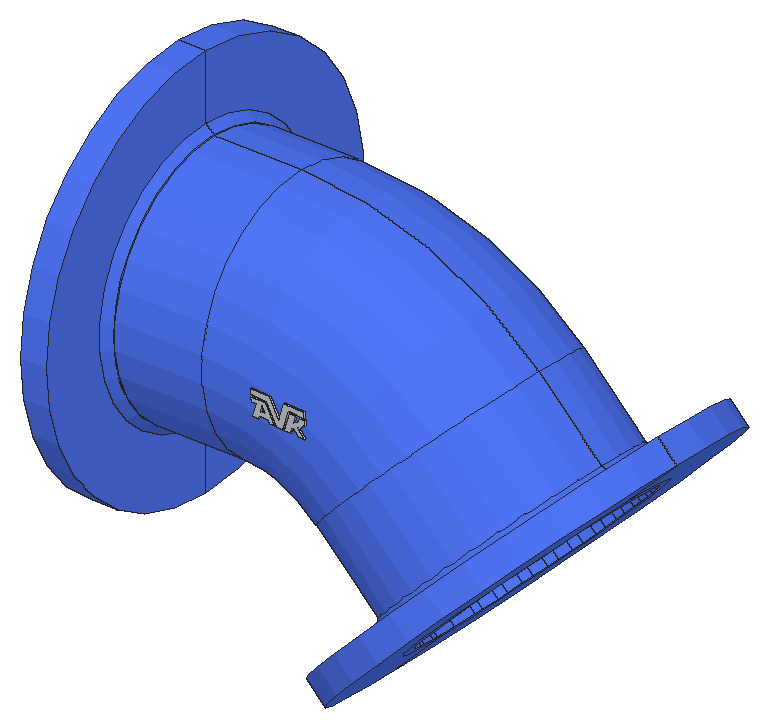
Revit family "712-0065-04-201-DN200", category Pipe Fittings, Revit 2019
Family settings
  Round Connector Dimension = Use Diameter
  Part Type = Elbow
  Work Plane-Based = No
  Always vertical = Yes
  Cut with Voids When Loaded = No
  Shared = No
Parameters (values of type "DN200_PN10/16")
  Search_Table = "712-0420-001-DN40-300"
  Rf_Dia = size_lookup(Search_Table, "Rf_Dia", 0 mm, [Nominal Diameter(DN)]) / 2  # 133 mm
  RF_Thick = size_lookup(Search_Table, "Rf_Thickness", 0 mm, [Nominal Diameter(DN)])  # 4 mm
  L_Ref = size_lookup(Search_Table, "L_Ref", 0 mm, [Nominal Diameter(DN)])  # 110 mm
  L = size_lookup(Search_Table, "L", 0 mm, [Nominal Diameter(DN)])  # 180 mm
  ID(Radius) = [Nominal Diameter(DN)] / 2  # 100 mm
  Flange_thickness = size_lookup(Search_Table, "Flange_thickness", 0 mm, [Nominal Diameter(DN)])  # 23 mm
  Nominal Diameter(DN) = 200 mm
  FOD = size_lookup(Search_Table, "FOD", 0 mm, [Nominal Diameter(DN)]) / 2  # 170 mm
  URL product pages = "https://www.avkvalves.com/P.aspx?no=712004043201"
  Description_ = "AVK FLANGED PIPE W/LOOSE FLANGES"
  DN200_PN16 = "712-0200-04-201"
  DN200_PN10/16 = yes
  DN200_PN10 = "712-0200-04-200"
  Body_wallthickness = 15 mm + [Nominal Diameter(DN)]  # 215 mm
Reference planes
  plane 1 "Center (Front/Back)": y = 0
  plane 2: z = 0
  plane 3 "Center (Left/Right)": x = 0
  plane 4: through (229.785, -1524, -205.428) normal (-0.7071, 0, 0.7071)
  plane 5: x = 180
  plane 6: through (115.377, -1524, -65.278) normal (-0.7071, 0, 0.7071)
  plane 7: z = -0.654
  plane 8: through (203.424, -1524, -24.078) normal (0.7071, 0, 0.7071)
Forms (mm)
  Sweep 1, solid, material "Plastic", visible <- "DN200_PN10/16"
    path origin (0, 0, -240) x (1, 0, 0) y (0, 0, 1)
      loop
        line (0, 239.346) -> (105.442, 239.346)
        arc (105.442, 239.346) -> (174.325, 225.644) -> (232.721, 186.625) r 180
        line (232.721, 186.625) -> (307.279, 112.067)
    profile origin (52.721, 0, -0.654) x (0, 0, 1) y (0, -1, 0)
      loop
        circle (0, 0) r 107.5
  Sweep 2, void
    path origin (0, 0, -240) x (1, 0, 0) y (0, 0, 1)
      loop
        line (0, 239.346) -> (105.442, 239.346)
        arc (105.442, 239.346) -> (174.325, 225.644) -> (232.721, 186.625) r 180
        line (232.721, 186.625) -> (307.279, 112.067)
    profile origin (52.721, 0, -0.654) x (0, 0, 1) y (0, -1, 0)
      loop
        circle (0, 0) r 100
  Revolve 3, solid, material "Plastic", visible <- "DN200_PN10/16"
    sketch origin (0, 0, -240) x (1, 0, 0) y (0, 0, 1)
      loop
        line (0, 339.346) -> (23, 339.346) -> (23, 409.346) -> (0, 409.346) -> (0, 339.346)
      axis (0, 239.346) -> (23, 239.346)
    angle from 0 to 360
  Revolve 4, solid, material "Plastic", visible <- "DN200_PN10/16"
    sketch origin (0, 0, -240) x (1, 0, 0) y (0, 0, 1)
      loop
        line (377.99, 182.777) -> (427.487, 232.275) -> (411.224, 248.538) -> (361.726, 199.041) -> (377.99, 182.777)
      axis (291.016, 128.33) -> (307.279, 112.067)
    angle from 0 to 360
  Revolve 5, solid, material "Plastic", visible <- "DN200_PN10/16"
    sketch origin (0, 0, -240) x (1, 0, 0) y (0, 0, 1)
      loop
        line (23, 239.346) -> (30.071, 239.346) -> (30.071, 347.028) -> (23, 354.1) -> (23, 239.346)
      axis (23, 239.346) -> (30.071, 239.346)
    angle from 0 to 360
  Revolve 6, solid, material "Plastic", visible <- "DN200_PN10/16"
    sketch origin (0, 0, -240) x (1, 0, 0) y (0, 0, 1)
      loop
        line (362.096, 209.331) -> (286.055, 133.291) -> (291.016, 128.33) -> (372.017, 209.331) -> (362.096, 209.331)
      axis (291.016, 128.33) -> (286.055, 133.291)
    angle from 0 to 360
  Extrusion 7, solid, material "Plastic", visible <- "DN200_PN10/16"
    sketch origin (-18.923, 0, -192.661) x (1, 0, 0) y (0, 0, 1)
      loop
        line (138.923, 92.007) -> (138.923, 62.007)
        arc (138.923, 62.007) -> (151.423, 49.507) -> (163.923, 62.007) r 12.5
        line (163.923, 62.007) -> (163.923, 92.007) -> (138.923, 92.007)
      loop
        circle (151.423, 62.007) r 7.035
    from -3.416 to 3.416
Cuts and joins
  Sweep 2 cuts Sweep 1
Dimensions and locks
  "L": plane 5 to plane 3 "Center (Left/Right)"
  "L": plane 6 to plane 4
  "ID(Radius)": Revolve 3 sketch curve to plane 7
  "FOD": Revolve 3 sketch curve to plane 7
  "Flange_thickness": Revolve 3 sketch curve to plane 3 "Center (Left/Right)"
  "FOD": Revolve 4 sketch curve to plane 8
  "ID(Radius)": Revolve 4 sketch curve to plane 8
  "Flange_thickness": Revolve 4 sketch curve to plane 4
  equal spacing: Extrusion 7, plane 1 "Center (Front/Back)", Extrusion 7
  locked: Revolve 3 to Revolve 5 sketch curve at 7.071
  locked: Revolve 6 sketch curve to Revolve 4 at 7.015
  "Body_wallthickness": diameter of Sweep 1 sketch curve
  "Nominal Diameter(DN)": diameter of Sweep 2 sketch curve
  locked: plane 4 to plane 3 "Center (Left/Right)" (angle 45.00°)
  locked: Revolve 3 to Revolve 5 sketch curve (angle 45.00°)
  locked: Revolve 6 sketch curve to Revolve 4 (angle 45.00°)
  aligned and locked: level to plane 2
  aligned and locked: Revolve 3 sketch curve to plane 3 "Center (Left/Right)"
  aligned and locked: plane 3 "Center (Left/Right)" to Revolve 3 sketch curve
  aligned and locked: plane 8 to Revolve 4 sketch curve
  aligned and locked: Revolve 5 sketch curve to Revolve 3
  aligned and locked: Revolve 5 sketch curve to plane 7
  aligned and locked: plane 7 to Revolve 5 sketch curve
  aligned and locked: Revolve 6 sketch curve to plane 8  (x2)
  aligned and locked: Revolve 4 to Revolve 6 sketch curve
  aligned and locked: Revolve 6 sketch curve to Revolve 6 sketch curve
Automatic sketch dimensions
  Extrusion 7 sketch curve to Extrusion 7 sketch curve = 0 mm  (x2)
  plane 5 to Extrusion 7 sketch curve = 60 mm
  Extrusion 7 sketch curve to Extrusion 7 sketch curve = 12.5 mm
  Extrusion 7 sketch curve to level = 130.654 mm
  Extrusion 7 sketch curve to Extrusion 7 sketch curve = 30 mm
  plane 7 to Revolve 6 sketch curve = 30.015 mm
  Revolve 6 sketch curve to level = 175.004 mm
  Revolve 6 sketch curve to level = 192.682 mm
  Sweep 1 sketch curve to plane 3 "Center (Left/Right)" = 0 mm
  Sweep 1 sketch curve to plane 7 = 0 mm
  Sweep 1 sketch curve to plane 8 = 0 mm  (x2)
  plane 4 to Sweep 1 sketch curve = 0 mm
  Sweep 1 sketch curve to level = 180.654 mm
  plane 7 to Sweep 1 sketch curve = 52.721 mm
  Sweep 2 sketch curve to plane 3 "Center (Left/Right)" = 0 mm
  Sweep 2 sketch curve to plane 7 = 0 mm
  Sweep 2 sketch curve to plane 8 = 0 mm  (x2)
  plane 4 to Sweep 2 sketch curve = 0 mm
  plane 5 to Sweep 2 sketch curve = 74.558 mm
  plane 7 to Sweep 2 sketch curve = 52.721 mm
  Revolve 5 sketch curve to plane 7 = 107.683 mm
  plane 3 "Center (Left/Right)" to Revolve 5 sketch curve = 5 mm
  Revolve 5 sketch curve to Revolve 5 sketch curve = 25.929 mm
  Sweep 1 sketch curve to plane 1 "Center (Front/Back)" = 0 mm
  profile plane to Sweep 1 sketch curve = 0 mm
  Sweep 2 sketch curve to plane 1 "Center (Front/Back)" = 0 mm
  profile plane to Sweep 2 sketch curve = 0 mm
  Revolve 3 sketch curve to plane 7 = 0 mm
  plane 3 "Center (Left/Right)" to Revolve 3 sketch curve = 30 mm
  plane 4 to Revolve 4 sketch curve = 0 mm  (x2)
  plane 7 to Revolve 4 sketch curve = 174.35 mm
  radius of Extrusion 7 sketch curve = 7.035 mm
Nested families
  nested 1: "LOGO - Copy - Copy" at (173.863, -106.351, -31.254) x (0.9982, -0.0599, -0.0099) z (-0.0607, -0.9893, -0.1326), type "LOGO - Copy - Copy"
Connectors
  piping at (307.279, 0, -127.933), diameter 200, driven by "Nominal Diameter(DN)"
    settings: on Revolve 4, index 1, connector inside diameter 609.6 mm, connector length 0 mm, flow factor 0, pipe flow 0.0 L/s, pressure drop 0.0 Pa, fitting loss kfactor 0, connector angle 0.00°, fixture units 0, engagement length 0 mm, angle of deflection 0.00°, flow configuration 0, flow direction 0, fitting loss method 0, system type 7, joint type 0, gender type 0, connector reference index -1, connector utility 0, adjustable connector no, is connector primary yes, connector description ""
  piping at (0, 0, -0.654), diameter 200, driven by "Nominal Diameter(DN)"
    settings: on Revolve 3, index 2, connector inside diameter 609.6 mm, connector length 0 mm, flow factor 0, pipe flow 0.0 L/s, pressure drop 0.0 Pa, fitting loss kfactor 0, connector angle 0.00°, fixture units 0, engagement length 0 mm, angle of deflection 0.00°, flow configuration 0, flow direction 0, fitting loss method 0, system type 7, joint type 0, gender type 0, connector reference index -1, connector utility 0, adjustable connector no, is connector primary no, connector description ""
Definition of nested family "LOGO - Copy - Copy"
  Parameters (values of type "LOGO - Copy - Copy")
    Default Elevation = 1219.2 mm
  Reference planes
    plane 1 "Center (Front/Back)": y = 0
    plane 2: z = 0
    plane 3 "Center (Left/Right)": x = 0
  Forms (mm)
    Extrusion 1, solid
      sketch origin (0, 0, 0) x (1, 0, 0) y (0, 1, 0)
        loop
          line (-1219.2, 1219.2) -> (-1219.2, -1219.2) -> (1219.2, -1219.2) -> (1219.2, 1219.2) -> (-1219.2, 1219.2)
      from 0 to -304.8
    Extrusion 2, solid
      sketch origin (0, 0, 0) x (1, 0, 0) y (0, 1, 0)
        loop
          line (-6.514, 34.224) -> (-24, 34.224) -> (-24, 29.481) -> (-9.766, 29.481) -> (-2.391, 11.367) -> (2.391, 11.367) -> (9.766, 29.481) -> (24, 29.481) -> (24, 34.224) -> (6.514, 34.224) -> (0, 18.224) -> (-6.514, 34.224)
        loop
          line (-10.996, 27.653) -> (-24, 27.653) -> (-24, 23.081) -> (-19.503, 23.081) -> (-24, 11.367) -> (-18.92, 11.367) -> (-17.955, 13.881) -> (-10.51, 13.881) -> (-9.486, 11.367) -> (-4.365, 11.367) -> (-10.996, 27.653)
        loop
          line (-16.777, 18.224) -> (-12.278, 18.224) -> (-14.594, 23.912) -> (-16.777, 18.224)
        loop
          line (4.365, 11.367) -> (9.486, 11.367) -> (12.093, 17.77) -> (16.918, 11.367) -> (22.857, 11.367) -> (17.399, 18.61)
          arc (17.399, 18.61) -> (20.583, 20.18) -> (22.629, 23.081) r 7.2
          line (22.629, 23.081) -> (24, 23.081) -> (24, 27.653) -> (19.429, 27.653)
          arc (19.429, 27.653) -> (17.763, 23.526) -> (13.699, 21.714) r 5.943
          line (13.699, 21.714) -> (16.117, 27.653) -> (10.996, 27.653) -> (4.365, 11.367)
      from 0 to 1
  Dimensions and locks
    aligned and locked: plane 2 to Extrusion 1
    aligned and locked: level to Extrusion 1
    aligned and locked: Extrusion 2 sketch curve to import instance
